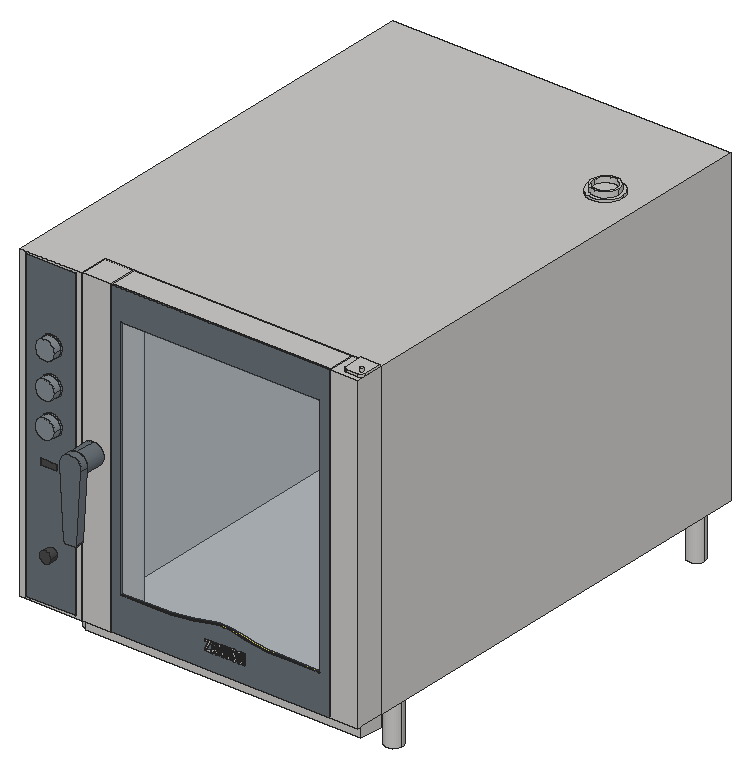
Revit family "QF_ZANUSSI_240486_ZFCE12CSES", category Specialty Equipment, Revit 2023 (continued)
Definition of nested family "ZAN_DOOR_CROSSWISE_H820"
  Automatic sketch dimensions
    plane 13 to Extrusion 14 sketch curve = 38.728 mm
    plane 13 to Extrusion 14 sketch curve = 93.987 mm
    Extrusion 14 sketch curve to Extrusion 14 sketch curve = 1.078 mm  (x2)
    Extrusion 14 sketch curve to Extrusion 14 sketch curve = 20.088 mm  (x2)
    Extrusion 14 sketch curve to Extrusion 14 sketch curve = 0.669 mm
    plane 9 to Extrusion 14 sketch curve = 132.513 mm
    plane 9 to Extrusion 14 sketch curve = 125.32 mm
    plane 9 to Extrusion 14 sketch curve = 57.166 mm
    plane 16 to Extrusion 14 sketch curve = 93.896 mm
    Extrusion 14 sketch curve to Extrusion 14 sketch curve = 0.343 mm
    Extrusion 14 sketch curve to Extrusion 14 sketch curve = 0.346 mm
    Extrusion 14 sketch curve to Extrusion 14 sketch curve = 1.209 mm
    Extrusion 14 sketch curve to Extrusion 14 sketch curve = 5.816 mm  (x2)
    Extrusion 14 sketch curve to Extrusion 14 sketch curve = 5.779 mm
    Extrusion 14 sketch curve to Extrusion 14 sketch curve = 5.783 mm
    Extrusion 15 sketch curve to Extrusion 15 sketch curve = 0 mm  (x13)
    Extrusion 15 sketch curve to plane 9 = 0 mm
    plane 13 to Extrusion 15 sketch curve = 0 mm
    Extrusion 15 sketch curve to plane 4 "Top" = 59.547 mm  (x2)
    plane 8 to Extrusion 15 sketch curve = 0.808 mm  (x2)
    plane 17 to Extrusion 15 sketch curve = 113.011 mm  (x2)
    Extrusion 15 sketch curve to Extrusion 15 sketch curve = 0.173 mm  (x2)
    Extrusion 15 sketch curve to Extrusion 15 sketch curve = 19.857 mm  (x2)
    Extrusion 15 sketch curve to Extrusion 15 sketch curve = 19.97 mm  (x2)
    plane 16 to Extrusion 15 sketch curve = 75.313 mm  (x2)
    Extrusion 15 sketch curve to Extrusion 15 sketch curve = 0.426 mm  (x2)
    Extrusion 15 sketch curve to Extrusion 15 sketch curve = 2.497 mm  (x2)
    Extrusion 15 sketch curve to Extrusion 15 sketch curve = 2.422 mm  (x2)
    plane 16 to Extrusion 15 sketch curve = 72.277 mm  (x2)
    plane 5 "Feet" to Extrusion 15 sketch curve = 14.106 mm
    Extrusion 15 sketch curve to Extrusion 15 sketch curve = 14.485 mm
    Extrusion 15 sketch curve to Extrusion 15 sketch curve = 15.571 mm
    Extrusion 15 sketch curve to level = 90.354 mm
    plane 13 to Extrusion 15 sketch curve = 172.943 mm
    Extrusion 15 sketch curve to Extrusion 15 sketch curve = 250.632 mm
    plane 13 to Extrusion 15 sketch curve = 38.728 mm
    plane 13 to Extrusion 15 sketch curve = 66.611 mm
    Extrusion 15 sketch curve to Extrusion 15 sketch curve = 79.596 mm
    Extrusion 15 sketch curve to Extrusion 15 sketch curve = 14.39 mm
    Extrusion 15 sketch curve to Extrusion 15 sketch curve = 0.048 mm  (x2)
    plane 13 to Extrusion 15 sketch curve = 105.804 mm
    Extrusion 15 sketch curve to Extrusion 15 sketch curve = 1.078 mm  (x2)
    Extrusion 15 sketch curve to Extrusion 15 sketch curve = 1.817 mm
    Extrusion 15 sketch curve to Extrusion 15 sketch curve = 0.955 mm  (x2)
    Extrusion 15 sketch curve to Extrusion 15 sketch curve = 20.088 mm
    Extrusion 15 sketch curve to Extrusion 15 sketch curve = 0.061 mm  (x2)
    plane 13 to Extrusion 15 sketch curve = 221.698 mm
    Extrusion 15 sketch curve to Extrusion 15 sketch curve = 28.998 mm
    Extrusion 15 sketch curve to Extrusion 15 sketch curve = 2.06 mm
    Extrusion 15 sketch curve to Extrusion 15 sketch curve = 0.191 mm
    Extrusion 15 sketch curve to Extrusion 15 sketch curve = 0.669 mm
    Extrusion 15 sketch curve to Extrusion 15 sketch curve = 1.051 mm
    Extrusion 15 sketch curve to Extrusion 15 sketch curve = 5.17 mm
    Extrusion 15 sketch curve to Extrusion 15 sketch curve = 63.165 mm
    Extrusion 15 sketch curve to Extrusion 15 sketch curve = 160.676 mm
    plane 9 to Extrusion 15 sketch curve = 132.574 mm
    plane 9 to Extrusion 15 sketch curve = 126.275 mm
    Extrusion 15 sketch curve to Extrusion 15 sketch curve = 0.216 mm
    Extrusion 15 sketch curve to Extrusion 15 sketch curve = 20.101 mm
    Extrusion 15 sketch curve to Extrusion 15 sketch curve = 14.439 mm
    plane 9 to Extrusion 15 sketch curve = 85.049 mm
    plane 9 to Extrusion 15 sketch curve = 57.166 mm
    plane 16 to Extrusion 15 sketch curve = 93.896 mm
    Extrusion 15 sketch curve to Extrusion 15 sketch curve = 0.343 mm
    Extrusion 15 sketch curve to Extrusion 15 sketch curve = 0.346 mm
    Extrusion 15 sketch curve to Extrusion 15 sketch curve = 1.209 mm
    Extrusion 15 sketch curve to Extrusion 15 sketch curve = 2.747 mm
    Extrusion 15 sketch curve to Extrusion 15 sketch curve = 2.745 mm  (x2)
    Extrusion 15 sketch curve to Extrusion 15 sketch curve = 2.666 mm
    Extrusion 15 sketch curve to Extrusion 15 sketch curve = 2.667 mm
    Extrusion 15 sketch curve to Extrusion 15 sketch curve = 5.816 mm  (x2)
    Extrusion 15 sketch curve to Extrusion 15 sketch curve = 2.231 mm
    Extrusion 15 sketch curve to Extrusion 15 sketch curve = 5.779 mm
    Extrusion 15 sketch curve to Extrusion 15 sketch curve = 5.783 mm
    Extrusion 15 sketch curve to Extrusion 15 sketch curve = 2.602 mm
    Extrusion 15 sketch curve to Extrusion 15 sketch curve = 2.603 mm
    Extrusion 2 sketch curve to plane 4 "Top" = 0 mm
    Extrusion 2 sketch curve to plane 8 = 0 mm
    Extrusion 2 sketch curve to plane 9 = 0 mm
    Extrusion 2 sketch curve to plane 5 "Feet" = 0 mm
    plane 8 to Extrusion 2 sketch curve = 0.808 mm  (x2)
    plane 17 to Extrusion 2 sketch curve = 113.011 mm  (x2)
    Extrusion 2 sketch curve to Extrusion 2 sketch curve = 40 mm  (x2)
    plane 16 to Extrusion 2 sketch curve = 72.816 mm
    Extrusion 2 sketch curve to Extrusion 2 sketch curve = 0.351 mm  (x2)
    plane 16 to Extrusion 2 sketch curve = 72.277 mm
    Extrusion 2 sketch curve to Extrusion 2 sketch curve = 0.187 mm  (x2)
    plane 5 "Feet" to Extrusion 2 sketch curve = 51.274 mm
    Extrusion 2 sketch curve to Extrusion 2 sketch curve = 0 mm  (x5)
    Extrusion 2 sketch curve to Extrusion 2 sketch curve = 15.473 mm
    plane 9 to Extrusion 2 sketch curve = 191.381 mm
    Extrusion 2 sketch curve to level = 340.986 mm
    plane 15 to Extrusion 2 sketch curve = 0 mm
    plane 13 to Extrusion 2 sketch curve = 66.611 mm
    plane 13 to Extrusion 2 sketch curve = 79.596 mm
    Extrusion 2 sketch curve to Extrusion 2 sketch curve = 14.439 mm  (x2)
    plane 13 to Extrusion 2 sketch curve = 107.621 mm
    Extrusion 2 sketch curve to Extrusion 2 sketch curve = 0.216 mm  (x2)
    Extrusion 2 sketch curve to Extrusion 2 sketch curve = 20.101 mm  (x2)
    Extrusion 2 sketch curve to Extrusion 2 sketch curve = 160.676 mm
    Extrusion 2 sketch curve to Extrusion 2 sketch curve = 137.516 mm
    Extrusion 2 sketch curve to Extrusion 2 sketch curve = 1.285 mm
    Extrusion 2 sketch curve to Extrusion 2 sketch curve = 0.691 mm
    Extrusion 2 sketch curve to Extrusion 2 sketch curve = 3.257 mm
    plane 9 to Extrusion 2 sketch curve = 132.574 mm
    plane 9 to Extrusion 2 sketch curve = 126.275 mm
    plane 9 to Extrusion 2 sketch curve = 85.049 mm
    Extrusion 2 sketch curve to plane 14 = 0 mm
    plane 16 to Extrusion 2 sketch curve = 90.843 mm
    Extrusion 2 sketch curve to Extrusion 2 sketch curve = 0.408 mm
    Extrusion 2 sketch curve to Extrusion 2 sketch curve = 0.411 mm
    Extrusion 2 sketch curve to Extrusion 2 sketch curve = 0.755 mm
    Extrusion 2 sketch curve to Extrusion 2 sketch curve = 0.758 mm
    Extrusion 2 sketch curve to Extrusion 2 sketch curve = 5.38 mm
    Extrusion 2 sketch curve to Extrusion 2 sketch curve = 6.15 mm
    Extrusion 2 sketch curve to Extrusion 2 sketch curve = 6.154 mm
    plane 13 to Extrusion 2 sketch curve = 0 mm
    plane 17 to Extrusion 14 sketch curve = 112.838 mm  (x2)
    Extrusion 14 sketch curve to level = 90.354 mm
    Extrusion 14 sketch curve to plane 3 "Center (Left/Right)" = 205.804 mm
    Extrusion 14 sketch curve to plane 3 "Center (Left/Right)" = 321.698 mm
    Extrusion 14 sketch curve to Extrusion 14 sketch curve = 138.871 mm
    Extrusion 14 sketch curve to Extrusion 14 sketch curve = 63.165 mm
    Extrusion 8 sketch curve to plane 17 = 0 mm
    Extrusion 8 sketch curve to plane 18 = 0 mm
    plane 18 to Extrusion 8 sketch curve = 11.817 mm
    Extrusion 8 sketch curve to Extrusion 8 sketch curve = 4.988 mm
    Extrusion 8 sketch curve to plane 17 = 1.756 mm
    Extrusion 8 sketch curve to plane 12 = 19.055 mm
    Extrusion 8 sketch curve to plane 18 = 11.817 mm
    Extrusion 8 sketch curve to Extrusion 8 sketch curve = 4.99 mm
    Extrusion 8 sketch curve to Extrusion 8 sketch curve = 176.899 mm
    Extrusion 8 sketch curve to Extrusion 8 sketch curve = 0 mm
    Extrusion 8 sketch curve to Extrusion 8 sketch curve = 0.313 mm
    Extrusion 8 sketch curve to plane 11 = 0.013 mm
    plane 1 "Center (Front/Back)" to curve 5 = 0 mm
    curve 8 to plane 3 "Center (Left/Right)" = 0 mm
    curve 14 to plane 3 "Center (Left/Right)" = 2.67 mm
    curve 12 to plane 3 "Center (Left/Right)" = 12.67 mm
    curve 16 to curve 13 = 4.431 mm
    curve 15 to curve 11 = 10 mm
    curve 4 to plane 12 = 11.987 mm
    curve 3 to plane 11 = 0.013 mm
    curve 6 to plane 11 = 0.004 mm
    curve 3 to curve 2 = 74.533 mm
    curve 13 to curve 16 = 8.081 mm
    curve 10 to plane 10 = 0 mm
    plane 9 to curve 9 = 0 mm
    curve 3 to curve 1 = 20 mm
    Extrusion 13 sketch curve to plane 6 "Front" = 0 mm
    Extrusion 13 sketch curve to plane 3 "Center (Left/Right)" = 0 mm
    Extrusion 13 sketch curve to plane 3 "Center (Left/Right)" = 17.33 mm
    plane 6 "Front" to Extrusion 13 sketch curve = 22.83 mm
    plane 11 to Extrusion 13 sketch curve = 0.004 mm
    curve 15 to plane 10 = 22.33 mm
    curve 3 to plane 6 "Front" = 75 mm
    plane 6 "Front" to curve 12 = 15 mm
    curve 18 to plane 6 "Front" = 0 mm
    curve 18 to plane 3 "Center (Left/Right)" = 0 mm
    curve 18 to curve 13 = 4.66 mm
    curve 18 to curve 13 = 2.17 mm
    curve 17 to curve 7 = 672.575 mm
    plane 11 to curve 18 = 0.004 mm
    radius of Extrusion 9 sketch curve = 28 mm
    radius of Extrusion 11 sketch curve = 5 mm
    radius of curve 16 = 5 mm
